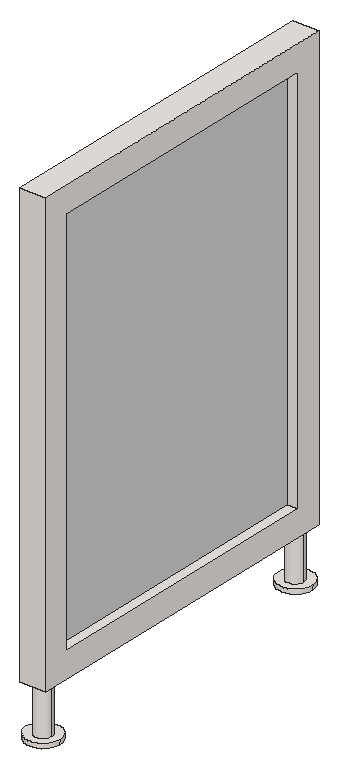
Revit family "073be0d913e0401abd082878e1a39568", category Furniture Systems, Revit 2021
Family settings
  Round Connector Dimension = Use Diameter
  Part Type = Normal
  OmniClass Number = 23.40.70.14.64.21
  OmniClass Title = Systems Furniture
  Work Plane-Based = No
  Always vertical = Yes
  Cut with Voids When Loaded = No
  Shared = No
  Room Calculation Point = No
Parameters (values of type "20" x 29"")
  Type Comments = "20\" x 29\" Support Panel"
  Panel Material [instance] = Metal - Perforated Panel
  Model = ""
  Manufacturer = ""
  Support Material [instance] = Metal - Paint Linen
  Height = 29"
  Description = ""
  Depth = 20"
  Default Elevation = 0"
Types (4): name | Type Comments | Depth
  20" x 29" | "20\" x 29\" Support Panel" | 20"
  24" x 29" | "24\" x 29\" Support Panel" | 24"
  30" x 29" | "30\" x 29\" Support Panel" | 30"
  26" x 29" | "26\" x 29\" Support Panel" | 26"
Reference planes (in)
  plane 1 "Center F/B": y = 0
  plane 2: z = 0
  plane 3 "Center L/R": x = 0
  plane 4 "Right": x = 0.75
  plane 5 "Top": z = 29
  plane 6: y = -20
  plane 7: z = 3
  plane 8: z = 27.5
  plane 9: z = 4.5
  plane 10: y = -1.5
  plane 11: y = -18.5
  plane 12 "Left": x = -0.75
  plane 13: y = -0.75
  plane 14: y = -19.25
  plane 15: x = -0.125
  plane 16: x = 0.125
Forms (in)
  Extrusion 1, solid, material "Metal - Paint Linen" <- "Support Material"
    sketch origin (-3.75267, -2.91729, 0) x (1, 0, 0) y (0, 1, 0)
      loop
        circle (3.75267, 2.16729) r 0.5
      loop
        circle (3.75267, -16.33271) r 0.5
    from 0.25 to 3
  Extrusion 2, solid, material "Metal - Paint Linen" <- "Support Material"
    sketch origin (-3.75267, -2.91729, 0) x (1, 0, 0) y (0, 1, 0)
      loop
        circle (3.75267, 2.16729) r 1
      loop
        circle (3.75267, -16.33271) r 1
    from 0 to 0.25
  Extrusion 3, solid, material "Metal - Paint Linen" <- "Support Material"
    sketch origin (0, 0, 0) x (0, 1, 0) y (0, 0, 1)
      loop
        line (0, 29) -> (-20, 29) -> (-20, 3) -> (0, 3) -> (0, 29)
      loop
        line (-1.5, 27.5) -> (-18.5, 27.5) -> (-18.5, 4.5) -> (-1.5, 4.5) -> (-1.5, 27.5)
    from -0.75 to 0.75
  Extrusion 4, solid, material "Metal - Perforated Panel" <- "Panel Material", detail levels medium+fine
    sketch origin (0, 0, 0) x (0, 1, 0) y (0, 0, 1)
      loop
        line (-1.5, 27.5) -> (-18.5, 27.5) -> (-18.5, 4.5) -> (-1.5, 4.5) -> (-1.5, 27.5)
    from -0.125 to 0.125
Cuts and joins
  joined: Extrusion 1, Extrusion 2, Extrusion 3
Lines and regions (in)
  Masking region 1
    outline origin (-0.72053, 11.8662, 0) x (1, 0, 0) y (0, 1, 0)
      loop
        line (-0.02947, -11.8662) -> (-0.02947, -31.8662) -> (1.47053, -31.8662) -> (1.47053, -11.8662) -> (-0.02947, -11.8662)
Dimensions and locks (in)
  "Depth": plane 1 "Center F/B" to plane 6
  locked: plane 10 to plane 1 "Center F/B" at 1.5
  equal spacing: plane 10, plane 13, plane 1 "Center F/B"
  locked: plane 11 to plane 6 at 1.5
  equal spacing: plane 11, plane 14, plane 6
  locked: plane 15 to plane 16 at 0.25
  equal spacing: plane 15, plane 3 "Center L/R", plane 16
  "Height": plane 5 "Top" to plane 2
  locked: plane 5 "Top" to plane 8 at 1.5
  aligned and locked: level to plane 2
  aligned and locked: plane 13 to Extrusion 2 sketch curve
  aligned and locked: plane 3 "Center L/R" to Extrusion 2 sketch curve  (x2)
  aligned and locked: plane 13 to Extrusion 1 sketch curve
  aligned and locked: plane 3 "Center L/R" to Extrusion 1 sketch curve  (x2)
  aligned and locked: plane 14 to Extrusion 2 sketch curve
  aligned and locked: plane 14 to Extrusion 1 sketch curve
  aligned and locked: plane 7 to Extrusion 1
  aligned and locked: plane 7 to Extrusion 3 sketch curve
  aligned and locked: plane 9 to Extrusion 3 sketch curve
  aligned and locked: Extrusion 3 sketch curve to plane 8
  aligned and locked: Extrusion 3 sketch curve to plane 5 "Top"
  aligned and locked: plane 11 to Extrusion 3 sketch curve
  aligned and locked: plane 6 to Extrusion 3 sketch curve
  aligned and locked: Extrusion 3 sketch curve to plane 10
  aligned and locked: plane 1 "Center F/B" to Extrusion 3 sketch curve
  aligned and locked: Extrusion 3 to plane 12 "Left"
  aligned and locked: Extrusion 3 to plane 4 "Right"
  aligned and locked: Extrusion 4 sketch curve to plane 8
  aligned and locked: plane 11 to Extrusion 4 sketch curve
  aligned and locked: plane 9 to Extrusion 4 sketch curve
  aligned and locked: Extrusion 4 sketch curve to plane 10
  aligned and locked: Extrusion 4 to plane 15
  aligned and locked: Extrusion 4 to plane 16
  aligned and locked: plane 1 "Center F/B" to Masking region 1 sketch curve
  aligned and locked: plane 6 to Masking region 1 sketch curve
  aligned and locked: plane 4 "Right" to Masking region 1 sketch curve
  aligned and locked: Masking region 1 sketch curve to plane 12 "Left"
Automatic sketch dimensions
  radius of Extrusion 2 sketch curve = 1"  (x2)
  radius of Extrusion 1 sketch curve = 1/2"  (x2)
